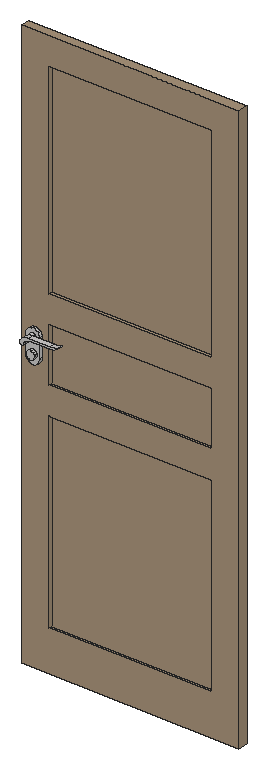
Revit family "Folha com caixilho", category Portas, Revit 2015
Parameters
  Painel interno = Tábua de fibra orientada
  Painel externo = Tábua de fibra orientada
  Largura = 80 cm
  Espessura da folha interna = 1 cm
  Espessura = 3.5 cm
  Distância da maçaneta = 5 cm
  D2 = 15 cm
  D1 = 10 cm
  Construção analítica = "<Nenhum>"
  Altura da maçaneta = 110 cm
  Altura = 210 cm
Reference planes (cm)
  plane 1 "Centro (Frente/Trás)": y = 0
  plane 2: z = 0
  plane 3 "Centro (Esquerda/Direita)": x = 0
  plane 4: y = 3.5
  plane 5: x = -80
  plane 6: y = 1.75
  plane 7: y = 1.25
  plane 8: y = 2.25
  plane 9: z = 210
  plane 10: x = -70
  plane 11: z = 200
  plane 12: x = -10
  plane 13: z = 15
  plane 14: z = 95
  plane 15: z = 115
  plane 16: z = 125
  plane 17: z = 85
  plane 18: x = -75
Forms (cm)
  Extrusion 1, solid, material "Tábua de fibra orientada" <- "Painel interno"
    sketch origin (0, 0, 0) x (1, 0, 0) y (0, 0, 1)
      loop
        line (-70, 200) -> (-70, 125) -> (-10, 125) -> (-10, 200) -> (-70, 200)
      loop
        line (-70, 115) -> (-70, 95) -> (-10, 95) -> (-10, 115) -> (-70, 115)
      loop
        line (-70, 85) -> (-70, 15) -> (-10, 15) -> (-10, 85) -> (-70, 85)
    from -2.25 to -1.25
  Extrusion 2, solid, material "Tábua de fibra orientada" <- "Painel externo"
    sketch origin (0, 0, 0) x (1, 0, 0) y (0, 0, 1)
      loop
        line (-80, 210) -> (-80, 0) -> (0, 0) -> (0, 210) -> (-80, 210)
      loop
        line (-70, 200) -> (-70, 125) -> (-10, 125) -> (-10, 200) -> (-70, 200)
      loop
        line (-70, 115) -> (-70, 95) -> (-10, 95) -> (-10, 115) -> (-70, 115)
      loop
        line (-70, 85) -> (-70, 15) -> (-10, 15) -> (-10, 85) -> (-70, 85)
    from -3.5 to 0
Dimensions and locks (cm)
  "Espessura": plane 1 "Centro (Frente/Trás)" to plane 4
  "Largura": plane 5 to plane 3 "Centro (Esquerda/Direita)"
  equal spacing: plane 1 "Centro (Frente/Trás)", plane 6, plane 4
  equal spacing: plane 8, plane 6, plane 7
  "Espessura da folha interna": plane 8 to plane 7
  "Altura": plane 9 to level
  "D1": plane 9 to plane 11
  locked: plane 15 to plane 14 at 20
  "D2": plane 13 to plane 2
  "D1": plane 10 to plane 5
  "D1": plane 3 "Centro (Esquerda/Direita)" to plane 12
  locked: plane 15 to level at 115
  "D1": plane 16 to plane 15
  "D1": plane 14 to plane 17
  "Distância da maçaneta": plane 5 to plane 18
  aligned and locked: level to plane 2
  aligned and locked: Extrusion 1 sketch curve to plane 11
  aligned and locked: plane 10 to Extrusion 1 sketch curve  (x2)
  aligned and locked: Extrusion 1 sketch curve to plane 12  (x3)
  aligned and locked: plane 8 to Extrusion 1
  aligned and locked: Extrusion 1 to plane 7
  aligned and locked: Extrusion 2 sketch curve to plane 9
  aligned and locked: plane 5 to Extrusion 2 sketch curve
  aligned and locked: plane 2 to Extrusion 2 sketch curve
  aligned and locked: Extrusion 2 sketch curve to plane 3 "Centro (Esquerda/Direita)"
  aligned and locked: Extrusion 2 sketch curve to plane 11
  aligned and locked: plane 10 to Extrusion 2 sketch curve  (x3)
  aligned and locked: plane 16 to Extrusion 2 sketch curve
  aligned and locked: Extrusion 2 sketch curve to plane 12  (x3)
  aligned and locked: Extrusion 2 sketch curve to plane 15
  aligned and locked: plane 14 to Extrusion 2 sketch curve
  aligned and locked: Extrusion 2 sketch curve to plane 17
  aligned and locked: plane 13 to Extrusion 2 sketch curve
  aligned and locked: plane 4 to Extrusion 2
  aligned and locked: plane 1 "Centro (Frente/Trás)" to Extrusion 2
  aligned and locked: Extrusion 1 sketch curve to plane 16
  aligned and locked: Extrusion 1 sketch curve to plane 15
  aligned and locked: Extrusion 1 sketch curve to plane 14
  aligned and locked: Extrusion 1 sketch curve to plane 10
  aligned and locked: Extrusion 1 sketch curve to plane 17
  aligned and locked: plane 13 to Extrusion 1 sketch curve
  aligned and locked: nested 1 to plane 1 "Centro (Frente/Trás)"
  aligned and locked: plane 18 to nested 1
Nested families (cm)
  nested 1: "Maçaneta da porta 2" at (-75, 1.75, 110), built-in parameter 1001364 <- "Altura da maçaneta", type "Maçaneta da porta 2"
Definition of nested family "Maçaneta da porta 2"
  Parameters (values of type "Maçaneta da porta 2")
    Espessura do painel = 3.5 cm
    Material do puxador = none
    Function = (empty or 0)
    Analytic Construction = "<Nenhum>"
  Reference planes (cm)
    plane 1 "Centro (Frente/Trás)": y = 0
    plane 2: z = 0
    plane 3 "Centro (Esquerda/Direita)": x = 0
    plane 4: y = 1.75
    plane 5: y = -1.75
    plane 6: z = -14.7114
    plane 7: y = 5.75
    plane 8: z = -6
    plane 9: y = -5.75
    plane 10: z = -6
  Forms (cm)
    Extrusion 1, solid, material <- "Material do puxador"
      sketch origin (0, -1.75, 0) x (-1, 0, 0) y (0, 0, -1)
        loop
          line (2.5, 0) -> (2.5, 7)
          arc (2.5, 7) -> (0, 9.5) -> (-2.5, 7) r 2.5
          line (-2.5, 7) -> (-2.5, 0)
          arc (-2.5, 0) -> (0, -2.5) -> (2.5, 0) r 2.5
      from 0 to 1
    Extrusion 2, solid, material <- "Material do puxador"
      sketch origin (0, 1.75, 0) x (-1, 0, 0) y (0, 0, -1)
        loop
          line (2.5, 0) -> (2.5, 7)
          arc (2.5, 7) -> (0, 9.5) -> (-2.5, 7) r 2.5
          line (-2.5, 7) -> (-2.5, 0)
          arc (-2.5, 0) -> (0, -2.5) -> (2.5, 0) r 2.5
      from 0 to -1
    Extrusion 3, solid, material <- "Material do puxador"
      sketch origin (0, -1.75, 0) x (-1, 0, 0) y (0, 0, -1)
        loop
          circle (0, 0) r 0.8
      from 1 to 4
    Extrusion 4, solid, material <- "Material do puxador"
      sketch origin (0, 2, 0) x (-1, 0, 0) y (0, 0, 1)
        loop
          circle (0, 0) r 0.8
      from 0.75 to 3.75
    Extrusion 5, solid, material <- "Material do puxador"
      sketch origin (0, -5.75, 0) x (1, 0, 0) y (0, 0, 1)
        loop
          arc (-0.6508, 0.4652) -> (-0.2443, -0.7618) -> (0.8, 0) r 0.8
          arc (0.8, 0) -> (1.4532, 0.9391) -> (2.5386, 1.3) r 1.8126
          line (2.5386, 1.3) -> (10.1644, 1.3)
          arc (10.1644, 1.3) -> (11.641, 1.5798) -> (13, 2.2214) r 5.9379
          line (13, 2.2214) -> (13, 2.5)
          arc (13, 2.5) -> (11.604, 2.1265) -> (10.1644, 2) r 8.3285
          line (10.1644, 2) -> (2.5367, 2)
          arc (2.5367, 2) -> (0.7493, 1.6348) -> (-0.6508, 0.4652) r 3.7283
      from 0 to 2
    Extrusion 6, solid, material <- "Material do puxador"
      sketch origin (0, 5.75, 0) x (1, 0, 0) y (0, 0, -1)
        loop
          arc (0.8, 0) -> (-0.2443, 0.7618) -> (-0.6508, -0.4652) r 0.8
          arc (-0.6508, -0.4652) -> (0.7493, -1.6348) -> (2.5367, -2) r 3.7283
          line (2.5367, -2) -> (10.1644, -2)
          arc (10.1644, -2) -> (11.604, -2.1265) -> (13, -2.5) r 8.3285
          line (13, -2.5) -> (13, -2.2214)
          arc (13, -2.2214) -> (11.641, -1.5798) -> (10.1644, -1.3) r 5.9379
          line (10.1644, -1.3) -> (2.5386, -1.3)
          arc (2.5386, -1.3) -> (1.4532, -0.9391) -> (0.8, 0) r 1.8126
      from 0 to 2
    Extrusion 7, solid, material <- "Material do puxador"
      sketch origin (0, -2.75, 1) x (-1, 0, 0) y (0, 0, -1)
        loop
          circle (0, 7) r 1.5
      from 0 to 1
    Extrusion 8, solid, material <- "Material do puxador"
      sketch origin (0, 2.75, 0) x (-1, 0, 0) y (0, 0, 1)
        loop
          circle (0, -6) r 1.5
      from 0 to 1
  Dimensions and locks (cm)
    equal spacing: plane 5, plane 1 "Centro (Frente/Trás)", plane 4
    "Espessura do painel": plane 5 to plane 4
    locked: plane 4 to plane 7 at 4
    locked: plane 9 to plane 5 at 4
    locked: Extrusion 6 to plane 7 at 2
    locked: plane 9 to Extrusion 5 at 2
    locked: plane 2 to plane 10 at 6
    aligned and locked: Extrusion 3 to Extrusion 1
    aligned and locked: Extrusion 4 to Extrusion 2
    aligned and locked: plane 7 to Extrusion 6
    aligned and locked: Extrusion 4 to plane 7
    aligned and locked: plane 9 to Extrusion 5
  Automatic sketch dimensions
    Extrusion 3 sketch curve to level = 0 cm
    Extrusion 3 sketch curve to plane 3 "Centro (Esquerda/Direita)" = 0 cm
    Extrusion 4 sketch curve to level = 0 cm
    Extrusion 4 sketch curve to plane 3 "Centro (Esquerda/Direita)" = 0 cm
    Extrusion 5 sketch curve to level = 0 cm  (x2)
    Extrusion 5 sketch curve to plane 3 "Centro (Esquerda/Direita)" = 0 cm
    Extrusion 5 sketch curve to plane 3 "Centro (Esquerda/Direita)" = 0.6508 cm
    plane 3 "Centro (Esquerda/Direita)" to Extrusion 5 sketch curve = 0.8 cm
    Extrusion 5 sketch curve to level = 1.7244 cm
    Extrusion 5 sketch curve to Extrusion 5 sketch curve = 1.5668 cm
    level to Extrusion 5 sketch curve = 2 cm
    Extrusion 5 sketch curve to Extrusion 5 sketch curve = 0.0019 cm
    Extrusion 5 sketch curve to Extrusion 5 sketch curve = 2.8356 cm
    Extrusion 5 sketch curve to Extrusion 5 sketch curve = 0 cm
    Extrusion 5 sketch curve to level = 0.5126 cm
    level to Extrusion 5 sketch curve = 2.2214 cm
    Extrusion 5 sketch curve to Extrusion 5 sketch curve = 0.2786 cm
    Extrusion 5 sketch curve to Extrusion 5 sketch curve = 7.2693 cm
    Extrusion 5 sketch curve to Extrusion 5 sketch curve = 0.3517 cm
    Extrusion 5 sketch curve to Extrusion 5 sketch curve = 0.3583 cm
    Extrusion 6 sketch curve to level = 0 cm
    Extrusion 6 sketch curve to plane 3 "Centro (Esquerda/Direita)" = 0 cm
    level to Extrusion 6 sketch curve = 0.4652 cm
    Extrusion 6 sketch curve to plane 3 "Centro (Esquerda/Direita)" = 0.6508 cm
    Extrusion 6 sketch curve to level = 1.7244 cm
    Extrusion 6 sketch curve to Extrusion 6 sketch curve = 1.5668 cm
    Extrusion 6 sketch curve to Extrusion 6 sketch curve = 0.0019 cm
    Extrusion 6 sketch curve to level = 0.5126 cm
    Extrusion 6 sketch curve to Extrusion 6 sketch curve = 0.1719 cm
    Extrusion 6 sketch curve to Extrusion 6 sketch curve = 7.2693 cm
    Extrusion 6 sketch curve to Extrusion 6 sketch curve = 0.3517 cm
    Extrusion 6 sketch curve to Extrusion 6 sketch curve = 0.3583 cm
    Extrusion 6 sketch curve to Extrusion 6 sketch curve = 0 cm
    level to Extrusion 6 sketch curve = 2.2214 cm
    Extrusion 6 sketch curve to Extrusion 6 sketch curve = 2.8356 cm
    Extrusion 6 sketch curve to Extrusion 6 sketch curve = 0.2786 cm
    Extrusion 1 sketch curve to plane 3 "Centro (Esquerda/Direita)" = 0 cm
    Extrusion 1 sketch curve to level = 0 cm
    Extrusion 1 sketch curve to plane 3 "Centro (Esquerda/Direita)" = 2.5 cm
    level to Extrusion 1 sketch curve = 7 cm
    Extrusion 2 sketch curve to level = 0 cm
    Extrusion 2 sketch curve to plane 3 "Centro (Esquerda/Direita)" = 0 cm
    Extrusion 2 sketch curve to plane 3 "Centro (Esquerda/Direita)" = 2.5 cm
    level to Extrusion 2 sketch curve = 7 cm
    Extrusion 7 sketch curve to plane 3 "Centro (Esquerda/Direita)" = 0 cm
    level to Extrusion 7 sketch curve = 6 cm
    Extrusion 8 sketch curve to plane 3 "Centro (Esquerda/Direita)" = 0 cm
    Extrusion 8 sketch curve to plane 8 = 0 cm
    radius of Extrusion 3 sketch curve = 0.8 cm
    radius of Extrusion 4 sketch curve = 0.8 cm
    radius of Extrusion 7 sketch curve = 1.5 cm
    radius of Extrusion 8 sketch curve = 1.5 cm
